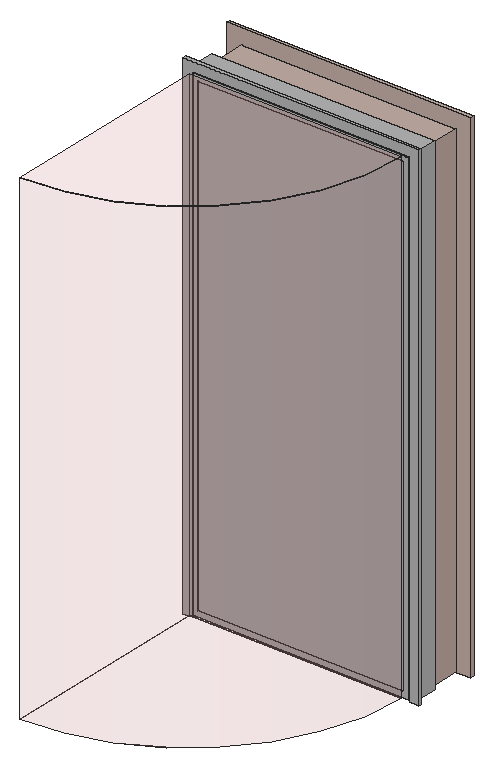
Revit family "ASSA ABLOY - DL1.3 PP60 RAPTOR, single-leaf, angular frame + PORTAL", category Doors, host Wall, Revit 2021
Family settings
  Host = Wall
  OmniClass Number = 23.30.10.00
  OmniClass Title = Doors
  Always vertical = Yes
  Cut with Voids When Loaded = No
  Shared = No
  Room Calculation Point = No
Parameters (values of type "800 x 2015 (808 x 2015)")
  URL = "https://www.assaabloy.com/pl/pl"
  Type Comments = "Leaf made of galvanized steel 1mm thick, four-side rebated. External cladding made of 6mm thick HDF/MDF panels."
  Symbol Radius = Door Leaf Width + 5.500 mm  # 895.000 mm
  Rough Width Conversion = 142.000 mm  # constant formula
  Rough Width Adjustment = 0.000 mm  # constant formula
  Rough Height Real = Height + Rough Height Conversion + Rough Height Adjustment  # 2073.000 mm
  Rough Height Conversion = 58.000 mm  # constant formula
  Rough Height Adjustment = 0.000 mm  # constant formula
  Portal Width Top [instance] = 80.000 mm
  Portal Width Right [instance] = 80.000 mm
  Portal Width Left [instance] = 80.000 mm
  Portal Material Finish = Default laminate
  Opening Zone [instance] = yes
  Model = "Doorset_Apartments Security Entrance Door, RC3, EI60_ASSA ABLOY Opening Solutions_Hardware 3D"
  Hinges Material = Default steel
  HW Item 8 = "1x 206253: Vercy door stopper, max 120 kg_ASSA ABLOY (option) "
  Glyph Material Finish = Default laminate
  Frame Finish [instance] = ""
  Fire Rating = "EI60"  # constant formula
  Width Round = rounddown((Width / 5.000 mm)) * 5.000 mm  # 800.000 mm
  Thickness = 79.000 mm  # constant formula
  Smoke Rating = "Sa, S200"
  Rough Width = Width Round + 8.000 mm + Rough Width Conversion + Rough Width Adjustment  # 950.000 mm
  Rough Height = Height Round + 12.000 mm + Rough Height Conversion + Rough Height Adjustment  # 2085.000 mm
  Readme = "The actual lintel height is consistent with the Rough Height parameter.\nThe final HW Set should be consistent with the function of the door and its  parameters.\nHardware mounted on door surface may affect the clear passage opening. For verification, please contact the specification department."
  Provider = "ASSA ABLOY Opening Solutions"
  Product Group = "Single-Steel"
  Name = "Apartments Security Entrance Door, RC3, EI60"
  Min Door Width = 800.000 mm
  Min Door Height = 2015.000 mm
  Mechanical Strength = 4
  Max Door Width = 1000.000 mm
  Max Door Height = 2315.000 mm
  Manufacturer = "ASSA ABLOY"  # constant formula
  IfcExportType = "USERDEFINED"
  IfcExportAs = "IfcDoorType"
  Rough Width Real = Width + Rough Width Conversion + Rough Width Adjustment  # 942.000 mm
  Height Round = roundup((Height / 5.000 mm)) * 5.000 mm  # 2015.000 mm
  Hardware Set = "1.1PL"
  HW Item 7 = "1x View finder, finish silver, black, brass_YALE"
  HW Item 6 = "1x Rosette security set_Standard ASSA ABLOY"
  HW Item 5 = "1x Rosette security set (main lock)_Standard ASSA ABLOY"
  HW Item 4 = "1x Handle set_Standard ASSA ABLOY"
  HW Item 3 = "1x Mul-T-Lock 400/600: euro profile cylinder_Mul-T-Lock"
  HW Item 2 = "1x Yale Monoblock Safety 353P: mechanical mortice lockcase_YALE"
  HW Item 1 = "1x Yale Monoblock 354M: mechanical mortice lockcase (main lock)_YALE"
  Function = Interior
  Height = 2015.000 mm
  Wall Closure = By host
  Width = 800.000 mm
  Frame Type = "Corner galvanized steel frame 1,5mm thick."
  Frame Material = Default steel
  Family name = "1.1_DOORSET_DL1.3 PP60 RAPTOR_SINGLE-LEAF_CORNER FRAME_ASSA ABLOY PL"
  Environmental Product Declaration (EPD) = "To be confirmed with Provider"  # constant formula
  Environmental Management System = "To be confirmed with Provider"  # constant formula
  Edition number = "1"
  Door Type = "DL1.3 PP60 RAPTOR"
  Door Material = Default steel
  Door Leaf Width = Width Round + 89.500 mm + Rough Width Adjustment  # 889.500 mm
  Door Finish Push Side [instance] = ""
  Door Finish Pull Side [instance] = ""
  Description = "DL1.3 PP60 RAPTOR, leaf made of galvanized steel sheets 1,0mm or 0,75mm thick, four-side rebated. External cladding made of 6mm thick HDF/MDF panels. Door equipped with 4 hinges painted in RAL with 3-dimmension adjustment, includng 1 self-closing R-spring, three anti-burglary pins on the hinge side and a panoramic viewer. Mechanical strenght - 4 class according to PN-EN 1192:2001. Burglary resistance – class RC3 according to PN-EN 1627:2012. Acoustic rating - Rw=46dB according to PN-EN ISO 717-1:2013-08. Thermal transmittance - Ud = 1,3 W/m2K. Corner galvanized steel frame 1,5mm thick, equipped with fixed threshold 20 mm height."
  Date of publishing = ""
  Contact Provider = "https://www.assaabloy.com/pl/pl/solutions/topics/bim-specification/contact"
  Brand = "ASSA ABLOY Mercor Doors Sp. z o. o."  # constant formula
  Author = "www.archispace.pl"
Types (18, lengths in mm): name | Symbol Radius | Rough Height Real | Width Round | Rough Width | Rough Height | Rough Width Real | Height Round | Height | Width | Door Leaf Width
  800 x 2015 (808 x 2015) | 895.000 | 2073.000 | 800.000 | 950.000 | 2085.000 | 942.000 | 2015.000 | 2015.000 | 800.000 | 889.500
  800 x 2050 (808 x 2050) | 895.000 | 2108.000 | 800.000 | 950.000 | 2120.000 | 942.000 | 2050.000 | 2050.000 | 800.000 | 889.500
  800 x 2100 (808 x 2100) | 895.000 | 2158.000 | 800.000 | 950.000 | 2170.000 | 942.000 | 2100.000 | 2100.000 | 800.000 | 889.500
  800 x 2200 (808 x 2200) | 895.000 | 2258.000 | 800.000 | 950.000 | 2270.000 | 942.000 | 2200.000 | 2200.000 | 800.000 | 889.500
  800 x 2250 (808 x 2250) | 895.000 | 2308.000 | 800.000 | 950.000 | 2320.000 | 942.000 | 2250.000 | 2250.000 | 800.000 | 889.500
  800 x 2315 (808 x 2315) | 895.000 | 2373.000 | 800.000 | 950.000 | 2385.000 | 942.000 | 2315.000 | 2315.000 | 800.000 | 889.500
  900 x 2015 (908 x 2015) | 995.000 | 2073.000 | 900.000 | 1050.000 | 2085.000 | 1042.000 | 2015.000 | 2015.000 | 900.000 | 989.500
  900 x 2050 (908 x 2050) | 995.000 | 2108.000 | 900.000 | 1050.000 | 2120.000 | 1042.000 | 2050.000 | 2050.000 | 900.000 | 989.500
  900 x 2100 (908 x 2100) | 995.000 | 2158.000 | 900.000 | 1050.000 | 2170.000 | 1042.000 | 2100.000 | 2100.000 | 900.000 | 989.500
  900 x 2200 (908 x 2200) | 995.000 | 2258.000 | 900.000 | 1050.000 | 2270.000 | 1042.000 | 2200.000 | 2200.000 | 900.000 | 989.500
  900 x 2250 (908 x 2250) | 995.000 | 2308.000 | 900.000 | 1050.000 | 2320.000 | 1042.000 | 2250.000 | 2250.000 | 900.000 | 989.500
  900 x 2315 (908 x 2315) | 995.000 | 2373.000 | 900.000 | 1050.000 | 2385.000 | 1042.000 | 2315.000 | 2315.000 | 900.000 | 989.500
  1000 x 2015 (1008 x 2015) | 1095.000 | 2073.000 | 1000.000 | 1150.000 | 2085.000 | 1142.000 | 2015.000 | 2015.000 | 1000.000 | 1089.500
  1000 x 2050 (1008 x 2050) | 1095.000 | 2108.000 | 1000.000 | 1150.000 | 2120.000 | 1142.000 | 2050.000 | 2050.000 | 1000.000 | 1089.500
  1000 x 2100 (1008 x 2100) | 1095.000 | 2158.000 | 1000.000 | 1150.000 | 2170.000 | 1142.000 | 2100.000 | 2100.000 | 1000.000 | 1089.500
  1000 x 2200 (1008 x 2200) | 1095.000 | 2258.000 | 1000.000 | 1150.000 | 2270.000 | 1142.000 | 2200.000 | 2200.000 | 1000.000 | 1089.500
  1000 x 2250 (1008 x 2250) | 1095.000 | 2308.000 | 1000.000 | 1150.000 | 2320.000 | 1142.000 | 2250.000 | 2250.000 | 1000.000 | 1089.500
  1000 x 2315 (1008 x 2315) | 1095.000 | 2373.000 | 1000.000 | 1150.000 | 2385.000 | 1142.000 | 2315.000 | 2315.000 | 1000.000 | 1089.500
Reference planes
  plane 1: y = 0
  plane 2 "Center (Left/Right)": x = 0
  plane 3 "Exterior": y = 120
  plane 4 "Interior": y = -120
  plane 5: x = -471
  plane 6: x = 471
  plane 7: y = -53
  plane 8: y = -114
  plane 9: y = -132
  plane 10: x = -455.5
  plane 11: x = -438.5
  plane 12: x = 454
  plane 13: x = 437
  plane 14: z = 9
  plane 15: z = 2040
  plane 16: z = 26
  plane 17: x = 514
  plane 18: x = 434
  plane 19: x = -514
  plane 20: x = -434
  plane 21: z = 2118
  plane 22: z = 2038
  plane 23: y = -12
  plane 24: z = 2057
  plane 25: x = -430
  plane 26: x = 430
  plane 27: y = -53.8
  plane 28: y = -131.2
  plane 29: x = -437.7
  plane 30: x = 436.2
  plane 31: x = -454.7
  plane 32: x = 453.2
  plane 33: y = -114.8
  plane 34: z = 26.8
  plane 35: z = 9.8
  plane 36: z = 2039.2
  plane 37: y = 136
  plane 38: y = 136
  plane 39: x = -450
  plane 40: x = 450
  plane 41: x = -475
  plane 42: x = 475
  plane 43: y = -143
  plane 44: x = -460.5
  plane 45: z = 2073
  plane 46: z = 18
  plane 47: z = 2085
  plane 48: z = 2033
  plane 49: x = -390
Forms (mm)
  Sweep 1, solid, material "Default steel" <- "Frame Material"
    path origin (0, -120, 0) x (1, 0, 0) y (0, 0, 1)
      loop
        line (-471, 0) -> (-471, 2074) -> (471, 2074) -> (471, 0)
    profile origin (-471, -120, 1037) x (-1, 0, 0) y (0, -1, 0)
      loop
        line (26.5, 0) -> (26.5, 12) -> (-13.5, 12) -> (-13.5, -9) -> (-26.5, -9) -> (-26.5, -83) -> (-36, -83) -> (-36, -72) -> (-41, -72) -> (-41, -108) -> (-10, -108) -> (-10, -105) -> (0, -105) -> (0, 0) -> (26.5, 0)
  Sweep 2, solid, material "Default steel" <- "Frame Material"
    path origin (-5000, -120, 0) x (1, 0, 0) y (0, 0, 1)
      loop
        line (4529, 0) -> (5471, 0)
    profile origin (0, -120, 0) x (0, 0, 1) y (0, -1, 0)
      loop
        line (0, -9) -> (0, -90) -> (18, -90) -> (18, -9) -> (0, -9)
  Sweep 3, solid, material "Default steel" <- "Door Material"
    path origin (-5000, -120, 0) x (1, 0, 0) y (0, 0, 1)
      loop
        line (4561.5, 2040) -> (4561.5, 26) -> (5437, 26) -> (5437, 2040) -> (4561.5, 2040)
    profile origin (-0.75, -120, 26) x (0, 0, -1) y (0, -1, 0)
      loop
        line (-0.8, 11.2) -> (-0.8, -5.2) -> (16.2, -5.2) -> (16.2, 11.2) -> (-0.8, 11.2)
  Sweep 4, solid, material "Default laminate" <- "Portal Material Finish"
    path origin (0, 120, 0) x (1, 0, 0) y (0, 0, 1)
      loop
        line (471, 0) -> (471, 2118)
    profile origin (471, 120, 1059) x (-1, 0, 0) y (0, -1, 0)
      loop
        line (37, 0) -> (-43, 0) -> (-43, -16) -> (37, -16) -> (37, 0)
  Sweep 5, solid, material "Default laminate" <- "Glyph Material Finish"
    path origin (-5000, 0, 0) x (-1, 0, 0) y (0, 0, 1)
      loop
        line (-4529, 0) -> (-4529, 2075) -> (-5471, 2075) -> (-5471, 0)
    profile origin (-471, 0, 1037.5) x (1, 0, 0) y (0, 1, 0)
      loop
        line (21, 120) -> (21, -12) -> (37, -12) -> (37, 120) -> (21, 120)
  Sweep 6, solid, material "Default laminate" <- "Portal Material Finish"
    path origin (0, 120, 0) x (1, 0, 0) y (0, 0, 1)
      loop
        line (-471, 2118) -> (-471, 0)
    profile origin (-471, 120, 1059) x (0, -1, 0) y (1, 0, 0)
      loop
        line (-16, -43) -> (0, -43) -> (0, 37) -> (-16, 37) -> (-16, -43)
  Sweep 7, solid, material "Default laminate" <- "Portal Material Finish"
    path origin (0, 120, 0) x (1, 0, 0) y (0, 0, 1)
      loop
        line (514, 2075) -> (-514, 2075)
    profile origin (0, 120, 2075) x (0, 0, -1) y (0, -1, 0)
      loop
        line (37, 0) -> (-43, 0) -> (-43, -16) -> (37, -16) -> (37, 0)
  Sweep 8, solid, material "Default steel" <- "Door Material"
    path origin (-5000, -120, 0) x (1, 0, 0) y (0, 0, 1)
      loop
        line (5000, 26.8) -> (5000, 2039.2)
    profile origin (0, -120, 1033) x (-1, 0, 0) y (0, -1, 0)
      loop
        line (437.7, -66.2) -> (437.7, 11.2) -> (-436.2, 11.2) -> (-436.2, -66.2) -> (437.7, -66.2)
  Sweep 9, solid, material "Default steel" <- "Door Material"
    path origin (-5000, -120, 0) x (1, 0, 0) y (0, 0, 1)
      loop
        line (4561.5, 2040) -> (4561.5, 26) -> (5437, 26) -> (5437, 2040) -> (4561.5, 2040)
    profile origin (-0.75, -120, 26) x (0, 0, -1) y (0, -1, 0)
      loop
        line (0, -67) -> (0, -6) -> (17, -6) -> (17, 12) -> (-4, 12) -> (-4, 11.2) -> (16.2, 11.2) -> (16.2, -5.2) -> (-0.8, -5.2) -> (-0.8, -66.2) -> (-13, -66.2) -> (-13, -67) -> (0, -67)
  Sweep 10, solid, material "Opening zone", visible <- "Opening Zone"
    path origin (-5000, 0, 0) x (-1, 0, 0) y (0, 0, 1)
      loop
        line (-5000, 9) -> (-5000, 2057)
    profile origin (0, 0, 1033) x (1, 0, 0) y (0, 1, 0)
      loop
        line (-460.5, -143) -> (-460.5, -1038)
        arc (-460.5, -1038) -> (172.361, -775.861) -> (434.5, -143) r 895
        line (434.5, -143) -> (-460.5, -143)
Cuts and joins
  joined: Sweep 1, Sweep 2
  joined: Sweep 4, Sweep 6, Sweep 7
  joined: Sweep 3, Sweep 8
Lines and regions (mm)
  Opening 1
    outline origin (-3050, -120, 0) x (1, 0, 0) y (0, 0, 1)
      loop
        line (2575, 0) -> (3525, 0) -> (3525, 2085) -> (2575, 2085) -> (2575, 0)
  Masking region 1, detail levels medium+fine
    outline origin (-1132.682, -300, 2040) x (-1, 0, 0) y (0, -1, 0)
      loop
        line (-618.682, -436) -> (-618.682, -420) -> (-698.682, -420) -> (-698.682, -436) -> (-618.682, -436)
      loop
        line (-1646.682, -436) -> (-1566.682, -436) -> (-1566.682, -420) -> (-1646.682, -420) -> (-1646.682, -436)
  Masking region 2, detail levels medium+fine
    outline origin (-1132.682, -300, 2040) x (-1, 0, 0) y (0, -1, 0)
      loop
        line (-698.682, -420) -> (-682.682, -420) -> (-682.682, -288) -> (-698.682, -288) -> (-698.682, -420)
      loop
        line (-1566.682, -420) -> (-1566.682, -288) -> (-1582.682, -288) -> (-1582.682, -420) -> (-1566.682, -420)
  Masking region 3, detail levels fine
    outline origin (-1132.682, -300, 2040) x (-1, 0, 0) y (0, -1, 0)
      loop
        line (-671.682, -288) -> (-671.682, -285) -> (-661.682, -285) -> (-661.682, -180) -> (-635.182, -180) -> (-635.182, -168) -> (-675.182, -168) -> (-675.182, -207) -> (-688.182, -207) -> (-688.182, -263) -> (-697.682, -263) -> (-697.682, -252) -> (-702.682, -252) -> (-702.682, -288) -> (-671.682, -288)
      loop
        line (-1593.682, -288) -> (-1562.682, -288) -> (-1562.682, -252) -> (-1567.682, -252) -> (-1567.682, -263) -> (-1577.182, -263) -> (-1577.182, -207) -> (-1590.182, -207) -> (-1590.182, -168) -> (-1630.182, -168) -> (-1630.182, -180) -> (-1603.682, -180) -> (-1603.682, -285) -> (-1593.682, -285) -> (-1593.682, -288)
  Masking region 4, detail levels medium
    outline origin (-1132.682, -300, 2040) x (-1, 0, 0) y (0, -1, 0)
      loop
        line (-661.682, -288) -> (-661.682, -180) -> (-635.182, -180) -> (-635.182, -168) -> (-702.682, -168) -> (-702.682, -288) -> (-661.682, -288)
      loop
        line (-1603.682, -288) -> (-1562.682, -288) -> (-1562.682, -168) -> (-1630.182, -168) -> (-1630.182, -180) -> (-1603.682, -180) -> (-1603.682, -288)
  Masking region 5, detail levels fine
    outline origin (-1132.682, -300, 2040) x (-1, 0, 0) y (0, -1, 0)
      loop
        circle (-672.182, -157) r 11
  symbolic lines, style "Elevation Swing"
    curve 1: line (454, -120, 1055) -> (-455.5, -120, 2057)
    curve 2: line (454, -120, 1055) -> (-455.5, -120, 9)
Text (mm)
  text "Exterior" at (-1376.75, 1099.543, 0), in view "Ref. Level"
  text "Exterior" at (0, 1615.38, 3698.081), in view "Left"
  text "Exterior" at (0, 1036.032, 3874.932), in view "Right"
Dimensions and locks
  host wall to curve 2 = 1055.000 mm
  locked: plane 3 "Exterior" to host wall
  locked: plane 4 "Interior" to host wall
  equal spacing: plane 5, plane 2 "Center (Left/Right)", plane 6
  "Rough Width Real": plane 5 to plane 6
  locked: plane 14 to level at 9
  locked: plane 5 to plane 10 at 15.5
  locked: plane 10 to plane 11 at 17
  locked: plane 12 to plane 6 at 17
  locked: plane 13 to plane 12 at 17
  locked: plane 16 to level at 26
  locked: plane 18 to plane 6 at 37
  "Portal Width Left": plane 18 to plane 17
  locked: plane 5 to plane 20 at 37
  "Portal Width Right": plane 19 to plane 20
  "Portal Width Top": plane 21 to plane 22
  locked: plane 4 "Interior" to plane 23 at 108
  locked: plane 5 to plane 25 at 41
  locked: plane 26 to plane 6 at 41
  locked: plane 28 to plane 9 at 0.8
  locked: plane 7 to plane 27 at 0.8
  locked: plane 11 to plane 29 at 0.8
  locked: plane 30 to plane 13 at 0.8
  locked: plane 10 to plane 31 at 0.8
  locked: plane 32 to plane 12 at 0.8
  locked: plane 33 to plane 8 at 0.8
  locked: plane 35 to plane 14 at 0.8
  locked: plane 34 to plane 16 at 0.8
  locked: plane 15 to plane 36 at 0.8
  locked: plane 3 "Exterior" to plane 37 at 16
  locked: plane 3 "Exterior" to plane 38 at 16
  locked: plane 39 to plane 20 at 16
  locked: plane 18 to plane 40 at 16
  locked: Masking region 3 sketch curve to plane 5 at 26.5
  locked: plane 5 to Masking region 3 sketch curve at 13.5
  locked: plane 5 to Masking region 3 sketch curve at 26.5
  locked: Masking region 3 sketch curve to plane 23 at 36  (x2)
  locked: Masking region 3 sketch curve to plane 23 at 81  (x2)
  locked: Masking region 3 sketch curve to plane 6 at 13.5
  locked: Masking region 3 sketch curve to plane 6 at 26.5
  locked: plane 6 to Masking region 3 sketch curve at 26.5
  locked: Masking region 4 sketch curve to plane 5 at 26.5
  locked: plane 6 to Masking region 4 sketch curve at 26.5
  locked: plane 5 to Masking region 5 sketch curve at 10.5
  locked: Masking region 5 sketch curve to plane 4 "Interior" at 23
  equal spacing: plane 41, plane 2 "Center (Left/Right)", plane 42
  "Rough Width": plane 41 to plane 42
  locked: plane 9 to plane 43 at 11
  locked: plane 41 to plane 44 at 14.5
  locked: plane 4 "Interior" to plane 33 at 5.2
  locked: plane 8 to plane 7 at 61
  locked: plane 9 to plane 4 "Interior" at 12
  locked: Masking region 3 sketch curve to plane 23 at 3  (x2)
  locked: plane 5 to Masking region 3 sketch curve at 10
  locked: Masking region 3 sketch curve to plane 23 at 25  (x2)
  locked: plane 5 to Masking region 3 sketch curve at 36
  locked: Masking region 3 sketch curve to plane 6 at 10
  locked: Masking region 3 sketch curve to plane 6 at 36
  locked: plane 46 to level at 18
  "Rough Height": plane 47 to level
  "Rough Height Real": plane 45 to level
  plane 21 to plane 45 = 45.000 mm
  locked: plane 45 to plane 24 at 16
  locked: plane 24 to plane 15 at 17
  plane 45 to plane 22 = 35.000 mm
  locked: plane 45 to plane 48 at 40
  locked: plane 5 to plane 49 at 81
  locked: plane 47 to plane 22 at 47
  "Symbol Radius": radius of Sweep 10 sketch curve
  aligned and locked: Opening 1 sketch curve to level
  aligned and locked: plane 1 to host wall
  aligned and locked: level to Sweep 1 sketch curve  (x2)
  aligned and locked: Sweep 1 sketch curve to plane 5
  aligned and locked: plane 6 to Sweep 1 sketch curve
  aligned and locked: Sweep 2 sketch curve to level
  aligned and locked: plane 16 to Sweep 3 sketch curve
  aligned and locked: plane 11 to Sweep 3 sketch curve
  aligned and locked: plane 13 to Sweep 3 sketch curve
  aligned and locked: Sweep 3 sketch curve to plane 15
  aligned and locked: level to Sweep 4 sketch curve
  aligned and locked: plane 6 to Sweep 4 sketch curve
  aligned and locked: level to Sweep 5 sketch curve  (x2)
  aligned and locked: plane 6 to Sweep 5 sketch curve
  aligned and locked: Sweep 5 sketch curve to plane 5
  aligned and locked: Sweep 4 sketch curve to plane 18
  aligned and locked: plane 17 to Sweep 4 sketch curve
  aligned and locked: Sweep 6 sketch curve to plane 5
  aligned and locked: level to Sweep 6 sketch curve
  aligned and locked: plane 19 to Sweep 6 sketch curve
  aligned and locked: Sweep 6 sketch curve to plane 20
  aligned and locked: plane 21 to Sweep 7 sketch curve
  aligned and locked: Sweep 7 sketch curve to plane 22
  aligned and locked: plane 21 to Sweep 4 sketch curve
  aligned and locked: plane 21 to Sweep 6 sketch curve
  aligned and locked: plane 19 to Sweep 7 sketch curve
  aligned and locked: plane 17 to Sweep 7 sketch curve
  aligned and locked: Sweep 5 sketch curve to plane 3 "Exterior"
  aligned and locked: plane 23 to Sweep 5 sketch curve
  aligned and locked: plane 2 "Center (Left/Right)" to Sweep 8 sketch curve
  aligned and locked: plane 12 to curve 2
  aligned and locked: plane 24 to curve 1
  aligned and locked: plane 10 to curve 1
  aligned and locked: plane 10 to curve 2
  aligned and locked: plane 14 to curve 2
  aligned and locked: plane 16 to Sweep 9 sketch curve
  aligned and locked: plane 11 to Sweep 9 sketch curve
  aligned and locked: plane 13 to Sweep 9 sketch curve
  aligned and locked: Sweep 9 sketch curve to plane 15
  aligned and locked: Sweep 8 sketch curve to plane 27
  aligned and locked: plane 28 to Sweep 8 sketch curve
  aligned and locked: Sweep 3 sketch curve to plane 28
  aligned and locked: Sweep 8 sketch curve to plane 30
  aligned and locked: Sweep 8 sketch curve to plane 29
  aligned and locked: plane 33 to Sweep 3 sketch curve
  aligned and locked: plane 34 to Sweep 3 sketch curve
  aligned and locked: Sweep 3 sketch curve to plane 35
  aligned and locked: plane 34 to Sweep 8 sketch curve
  aligned and locked: plane 36 to Sweep 8 sketch curve
  aligned and locked: nested 1 to plane 2 "Center (Left/Right)"
  aligned and locked: plane 4 "Interior" to nested 1
  aligned and locked: Masking region 1 sketch curve to plane 19
  aligned and locked: Masking region 1 sketch curve to plane 37
  aligned and locked: Masking region 1 sketch curve to plane 3 "Exterior"
  aligned and locked: plane 38 to Masking region 1 sketch curve
  aligned and locked: plane 3 "Exterior" to Masking region 1 sketch curve
  aligned and locked: plane 17 to Masking region 1 sketch curve
  aligned and locked: plane 20 to Masking region 1 sketch curve
  aligned and locked: Masking region 1 sketch curve to plane 18
  aligned and locked: plane 39 to Masking region 2 sketch curve
  aligned and locked: Masking region 2 sketch curve to plane 3 "Exterior"
  aligned and locked: plane 23 to Masking region 2 sketch curve
  aligned and locked: Masking region 2 sketch curve to plane 20
  aligned and locked: Masking region 2 sketch curve to plane 40
  aligned and locked: Masking region 2 sketch curve to plane 23
  aligned and locked: Masking region 2 sketch curve to plane 18
  aligned and locked: plane 3 "Exterior" to Masking region 2 sketch curve
  aligned and locked: plane 9 to Masking region 3 sketch curve
  aligned and locked: plane 4 "Interior" to Masking region 3 sketch curve
  aligned and locked: Masking region 3 sketch curve to plane 5
  aligned and locked: plane 23 to Masking region 3 sketch curve
  aligned and locked: Masking region 3 sketch curve to plane 25
  aligned and locked: Masking region 3 sketch curve to plane 23
  aligned and locked: Masking region 3 sketch curve to plane 4 "Interior"
  aligned and locked: Masking region 3 sketch curve to plane 6
  aligned and locked: plane 26 to Masking region 3 sketch curve
  aligned and locked: Masking region 3 sketch curve to plane 9
  aligned and locked: Masking region 4 sketch curve to plane 25
  aligned and locked: plane 9 to Masking region 4 sketch curve
  aligned and locked: plane 23 to Masking region 4 sketch curve
  aligned and locked: Masking region 4 sketch curve to plane 5
  aligned and locked: plane 4 "Interior" to Masking region 4 sketch curve
  aligned and locked: Masking region 4 sketch curve to plane 6
  aligned and locked: Masking region 4 sketch curve to plane 4 "Interior"
  aligned and locked: Masking region 4 sketch curve to plane 23
  aligned and locked: plane 26 to Masking region 4 sketch curve
  aligned and locked: Masking region 4 sketch curve to plane 9
  aligned and locked: plane 41 to Opening 1 sketch curve
  aligned and locked: plane 42 to Opening 1 sketch curve
  aligned and locked: plane 2 "Center (Left/Right)" to Sweep 10 sketch curve
  aligned and locked: plane 44 to Sweep 10 sketch curve  (x2)
  aligned and locked: Sweep 10 sketch curve to plane 43
  aligned and locked: plane 43 to Sweep 10 sketch curve
  aligned and locked: plane 24 to Sweep 10 sketch curve
  aligned and locked: plane 14 to Sweep 10 sketch curve
  aligned and locked: plane 6 to Sweep 2 sketch curve
  aligned and locked: plane 5 to Sweep 2 sketch curve
  aligned and locked: Opening 1 sketch curve to plane 47
  aligned and locked: plane 46 to Sweep 2 sketch curve
Automatic sketch dimensions
  profile plane to Sweep 2 sketch curve = 0.000 mm
  Sweep 2 sketch curve to profile plane = 90.000 mm
  Sweep 2 sketch curve to profile plane = 9.000 mm
  plane 3 "Exterior" to Sweep 4 sketch curve = 0.000 mm
  Sweep 4 sketch curve to plane 3 "Exterior" = 16.000 mm
  Sweep 5 sketch curve to profile plane = 21.000 mm
  Sweep 5 sketch curve to Sweep 5 sketch curve = 16.000 mm
  plane 3 "Exterior" to Sweep 6 sketch curve = 0.000 mm
  Sweep 6 sketch curve to plane 3 "Exterior" = 16.000 mm
  Sweep 7 sketch curve to plane 3 "Exterior" = 0.000 mm
  Sweep 7 sketch curve to plane 3 "Exterior" = 16.000 mm
  Sweep 9 sketch curve to profile plane = 0.000 mm
  profile plane to Sweep 9 sketch curve = 0.800 mm
  profile plane to Sweep 9 sketch curve = 4.000 mm
  Sweep 9 sketch curve to Sweep 9 sketch curve = 12.200 mm
  Sweep 9 sketch curve to profile plane = 16.200 mm
  Sweep 9 sketch curve to Sweep 9 sketch curve = 0.800 mm  (x4)
  Sweep 9 sketch curve to profile plane = 67.000 mm
  Sweep 9 sketch curve to profile plane = 6.000 mm
  profile plane to Sweep 9 sketch curve = 11.200 mm
  plane 4 "Interior" to Sweep 1 sketch curve = 0.000 mm
  Sweep 1 sketch curve to profile plane = 0.000 mm
  profile plane to Sweep 1 sketch curve = 10.000 mm
  profile plane to Sweep 1 sketch curve = 13.500 mm
  Sweep 1 sketch curve to Sweep 1 sketch curve = 13.000 mm
  Sweep 1 sketch curve to Sweep 1 sketch curve = 9.500 mm
  Sweep 1 sketch curve to Sweep 1 sketch curve = 5.000 mm
  Sweep 1 sketch curve to Sweep 1 sketch curve = 26.500 mm
  Sweep 1 sketch curve to plane 4 "Interior" = 9.000 mm
  Sweep 1 sketch curve to Sweep 1 sketch curve = 74.000 mm
  Sweep 1 sketch curve to Sweep 1 sketch curve = 22.000 mm
  Sweep 1 sketch curve to Sweep 1 sketch curve = 25.000 mm
  plane 4 "Interior" to Sweep 1 sketch curve = 12.000 mm
  Sweep 1 sketch curve to Sweep 1 sketch curve = 11.000 mm
  plane 45 to Sweep 1 sketch curve = 1.000 mm
  plane 45 to Sweep 5 sketch curve = 2.000 mm
  plane 45 to Sweep 7 sketch curve = 2.000 mm
  radius of Masking region 5 sketch curve = 11.000 mm
Nested families
  nested 1: "Detail_Door symbol" at (0, -120, 2040), type "Detail_Door symbol"
Definition of nested family "Detail_Door symbol"
  Parameters (values of type "Detail_Door symbol")
    Symbol Radius = 895.000 mm
    Rough Width = 922.000 mm
    Door Leaf Width = 889.500 mm
  Reference planes
    plane 1 "Center (Front/Back)": y = 0
    plane 2: z = 0
    plane 3 "Center (Left/Right)": x = 0
    plane 4: x = -461
    plane 5: x = 461
    plane 6: y = -23
    plane 7: x = -450.5
    plane 8: y = -28.5
    plane 9: y = -45.5
    plane 10: y = -901
    plane 11: y = -918
    plane 12: x = -439
    plane 13: x = -421
    plane 14: x = -360
  Lines and regions (mm)
    Filled region 1, type "Solid Fill - White", in view "Ref. Level", detail levels fine
      outline origin (28.5, 43.059, 0) x (1, 0, 0) y (0, 1, 0)
        loop
          line (-467.5, -71.559) -> (-467.5, -961.059) -> (-449.5, -961.059) -> (-449.5, -944.059) -> (-388.5, -944.059) -> (-388.5, -88.559) -> (-449.5, -88.559) -> (-449.5, -71.559) -> (-467.5, -71.559)
    Filled region 2, type "Solid Fill - White", in view "Ref. Level", detail levels medium
      outline origin (28.5, 43.059, 0) x (1, 0, 0) y (0, 1, 0)
        loop
          line (-467.5, -71.559) -> (-467.5, -961.059) -> (-388.5, -961.059) -> (-388.5, -71.559) -> (-467.5, -71.559)
    detail lines, in view "Ref. Level"
      curve 1: arc (-450.5, -918, 0) -> (182.361, -655.861, 0) -> (444.5, -23, 0) r 895
    detail lines, in view "Ref. Level", detail levels coarse
      curve 2: line (-450.5, -918, 0) -> (-450.5, -23, 0)
  Dimensions and locks
    equal spacing: plane 4, plane 3 "Center (Left/Right)", plane 5
    "Rough Width": plane 4 to plane 5
    plane 4 to plane 7 = 10.500 mm
    locked: plane 8 to plane 9 at 17
    locked: plane 11 to plane 10 at 17
    "Door Leaf Width": plane 11 to plane 8
    plane 8 to plane 6 to plane 1 "Center (Front/Back)" = 5.500 mm locked, 23.000 mm locked
    locked: plane 12 to plane 13 at 18
    locked: plane 13 to plane 14 at 61
    locked: plane 7 to plane 12 at 11.5
    "Symbol Radius": radius of curve 1
    aligned and locked: plane 7 to curve 1
    aligned and locked: curve 1 to plane 6
    aligned and locked: plane 12 to Filled region 1 sketch curve
    aligned and locked: Filled region 1 sketch curve to plane 11
    aligned and locked: Filled region 1 sketch curve to plane 13  (x2)
    aligned and locked: plane 10 to Filled region 1 sketch curve
    aligned and locked: Filled region 1 sketch curve to plane 14
    aligned and locked: Filled region 1 sketch curve to plane 8
    aligned and locked: plane 9 to Filled region 1 sketch curve
    aligned and locked: Filled region 2 sketch curve to plane 8
    aligned and locked: Filled region 2 sketch curve to plane 14
    aligned and locked: plane 12 to Filled region 2 sketch curve
    aligned and locked: Filled region 2 sketch curve to plane 11
  Automatic sketch dimensions
    plane 6 to curve 2 = 0.000 mm
